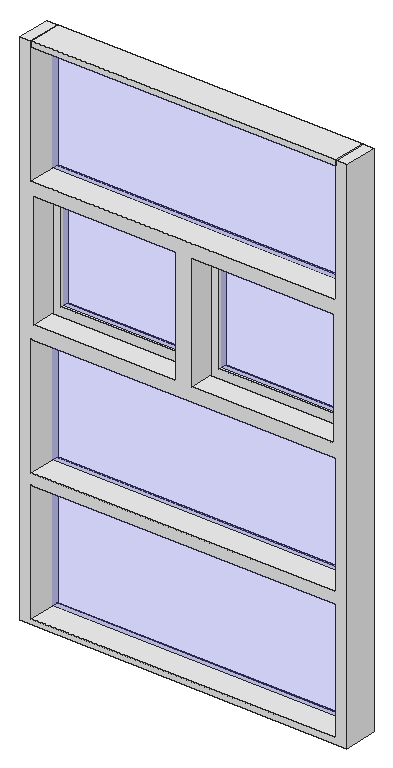
Revit family
Parameters
  창 패널 = ACW1 창 패널
  창 프레임 = ACW1 창 프레임
  Height = 2400 mm
  기본 씰 높이 = 0 mm
  Wall Closure = (empty or 0)
  Width = 1500 mm
  창 두께 = 150 mm
Reference planes
  plane 1: y = 0
  plane 2 "중심(왼쪽/오른쪽)": x = 0
  plane 3 "왼쪽": x = -750
  plane 4 "오른쪽": x = 750
  plane 5 "씰": z = 0
  plane 6 "헤드": z = 2400
  plane 7 "외부": y = 100
  plane 8 "내부": y = -100
  plane 9: z = 1800
  plane 10: z = 1200
  plane 11: z = 600
  plane 12: y = -75
  plane 13: y = 75
  plane 14: y = 66
  plane 15: y = 44
  plane 16: y = 35
  plane 17: x = -700
  plane 18: x = 700
  plane 19: z = 575
  plane 20: z = 625
  plane 21: z = 1175
  plane 22: z = 1225
  plane 23: z = 1775
  plane 24: z = 1825
  plane 25: z = 25
  plane 26: z = 2375
  plane 27: x = -25
  plane 28: x = 25
  plane 29: x = 362.5
  plane 30: x = -362.5
Forms (mm)
  Extrusion 1, solid, material "ACW1 창 프레임" <- "창 프레임"
    sketch origin (-2165.69, 265, 1175) x (0, 1, 0) y (1, 0, 0)
      loop
        line (-190, 2865.69) -> (-340, 2865.69) -> (-340, 1465.69) -> (-190, 1465.69) -> (-190, 2865.69)
    from 0 to -50
  Extrusion 2, solid, material "ACW1 창 프레임" <- "창 프레임"
    sketch origin (-2165.69, 265, 575) x (0, 1, 0) y (1, 0, 0)
      loop
        line (-190, 2865.69) -> (-340, 2865.69) -> (-340, 1465.69) -> (-190, 1465.69) -> (-190, 2865.69)
    from 0 to -50
  Extrusion 3, solid, material "ACW1 창 프레임" <- "창 프레임"
    sketch origin (-2165.69, 265, 1775) x (0, 1, 0) y (1, 0, 0)
      loop
        line (-190, 2865.69) -> (-340, 2865.69) -> (-340, 1465.69) -> (-190, 1465.69) -> (-190, 2865.69)
    from 0 to -50
  Extrusion 4, solid, material "ACW1 창 패널" <- "창 패널"
    sketch origin (0, 0, 0) x (1, 0, 0) y (0, 1, 0)
      loop
        line (-700, 66) -> (-700, 44) -> (700, 44) -> (700, 66) -> (-700, 66)
    from 25 to 575
  Extrusion 5, solid, material "ACW1 창 패널" <- "창 패널"
    sketch origin (0, 0, 575) x (1, 0, 0) y (0, 1, 0)
      loop
        line (-700, 66) -> (-700, 44) -> (700, 44) -> (700, 66) -> (-700, 66)
    from 50 to 600
  Extrusion 6, solid, material "ACW1 창 패널" <- "창 패널"
    sketch origin (0, 0, 3575) x (1, 0, 0) y (0, 1, 0)
      loop
        line (-700, 66) -> (-700, 44) -> (700, 44) -> (700, 66) -> (-700, 66)
    from -1750 to -1200
  Extrusion 7, solid, material "ACW1 창 프레임" <- "창 프레임"
    sketch origin (0, 0, 0) x (1, 0, 0) y (0, 1, 0)
      loop
        line (-750, 75) -> (-750, -75) -> (-700, -75) -> (-700, 75) -> (-750, 75)
      loop
        line (700, 75) -> (700, -75) -> (750, -75) -> (750, 75) -> (700, 75)
    from 0 to 2400
  Extrusion 8, solid, material "ACW1 창 프레임" <- "창 프레임"
    sketch origin (-2165.69, 265, 0) x (0, 1, 0) y (1, 0, 0)
      loop
        line (-190, 2865.69) -> (-340, 2865.69) -> (-340, 1465.69) -> (-190, 1465.69) -> (-190, 2865.69)
    from 0 to -25
  Extrusion 9, solid, material "ACW1 창 프레임" <- "창 프레임"
    sketch origin (-2165.69, 265, 5050) x (0, 1, 0) y (1, 0, 0)
      loop
        line (-190, 2865.69) -> (-340, 2865.69) -> (-340, 1465.69) -> (-190, 1465.69) -> (-190, 2865.69)
    from 2675 to 2650
  Extrusion 10, solid, material "ACW1 창 프레임" <- "창 프레임"
    sketch origin (-2165.69, 265, 1225) x (0, 1, 0) y (1, 0, 0)
      loop
        line (-190, 2140.69) -> (-190, 2190.69) -> (-340, 2190.69) -> (-340, 2140.69) -> (-190, 2140.69)
    from 0 to -550
  Sweep 11, solid, material "ACW1 창 프레임" <- "창 프레임"
    path origin (-700, 75, 0) x (1, 0, 0) y (0, 0, -1)
      loop
        line (675, -1775) -> (675, -1225) -> (0, -1225) -> (0, -1775) -> (675, -1775)
    profile origin (-362.5, 75, 1775) x (0, 0, 1) y (0, 1, 0)
      loop
        line (0, 0) -> (-50, 0) -> (-50, -40) -> (0, -40) -> (0, 0)
  Sweep 12, solid, material "ACW1 창 프레임" <- "창 프레임"
    path origin (-700, 75, 0) x (1, 0, 0) y (0, 0, -1)
      loop
        line (1400, -1775) -> (1400, -1225) -> (725, -1225) -> (725, -1775) -> (1400, -1775)
    profile origin (362.5, 75, 1775) x (0, 0, 1) y (0, 1, 0)
      loop
        line (0, 0) -> (-50, 0) -> (-50, -40) -> (0, -40) -> (0, 0)
  Extrusion 13, solid, material "ACW1 창 패널" <- "창 패널"
    sketch origin (-2165.69, 265, 1225) x (0, 1, 0) y (1, 0, 0)
      loop
        line (-199, 1515.69) -> (-199, 2090.69) -> (-221, 2090.69) -> (-221, 1515.69) -> (-199, 1515.69)
      loop
        line (-199, 2240.69) -> (-199, 2815.69) -> (-221, 2815.69) -> (-221, 2240.69) -> (-199, 2240.69)
    from -50 to -500
  Sweep 14, solid, material "ACW1 창 프레임" <- "창 프레임"
    path origin (-25, 35, 1775) x (-1, 0, 0) y (0, 0, -1)
      loop
        line (-725, 0) -> (-50, 0) -> (-50, 550) -> (-725, 550) -> (-725, 0)
    profile origin (362.5, 35, 1775) x (0, 0, -1) y (0, -1, 0)
      loop
        line (0, 0) -> (10, 0) -> (10, 110) -> (0, 110) -> (0, 0)
  Sweep 15, solid, material "ACW1 창 프레임" <- "창 프레임"
    path origin (-25, 35, 1775) x (-1, 0, 0) y (0, 0, -1)
      loop
        line (0, 0) -> (675, 0) -> (675, 550) -> (0, 550) -> (0, 0)
    profile origin (-362.5, 35, 1775) x (0, 0, -1) y (0, -1, 0)
      loop
        line (0, 0) -> (10, 0) -> (10, 110) -> (0, 110) -> (0, 0)
Cuts and joins
  joined: Extrusion 1, Extrusion 2, Extrusion 3, Extrusion 7, Extrusion 8, Extrusion 10, Sweep 14, Sweep 15
Lines and regions (mm)
  Opening 1
    outline origin (3500, -100, 0) x (1, 0, 0) y (0, 0, 1)
      loop
        line (-2750, 0) -> (-2750, 2400) -> (-4250, 2400) -> (-4250, 0) -> (-2750, 0)
  symbolic lines, style "입면도 스윙"
    curve 1: line (700, 75, 1225) -> (362.5, 75, 1775)
    curve 2: line (362.5, 75, 1775) -> (25, 75, 1225)
    curve 3: line (-25, 75, 1225) -> (-362.5, 75, 1775)
    curve 4: line (-362.5, 75, 1775) -> (-700, 75, 1225)
Text (mm)
  text "외부" at (-1963.203, 1332.353, 0), in view "참조 레벨"
  text "내부" at (-1981.466, -818.386, 0), in view "참조 레벨"
  text "외부" at (0, 923.751, 2943.296), in view "오른쪽"
  text "외부" at (0, 1040.484, 2685.409), in view "왼쪽"
Dimensions and locks
  equal spacing: plane 3 "왼쪽", plane 2 "중심(왼쪽/오른쪽)", plane 4 "오른쪽"
  "Width": plane 3 "왼쪽" to plane 4 "오른쪽"
  "Height": plane 5 "씰" to plane 6 "헤드"
  "기본 씰 높이": plane 5 "씰" to level
  locked: plane 7 "외부" to host wall at 0
  locked: plane 8 "내부" to host wall
  "창 두께": plane 13 to plane 12
  equal spacing: plane 13, plane 1, plane 12
  plane 13 to plane 14 to plane 15 to plane 16 = 9 mm locked, 22 mm locked, 9 mm locked
  locked: plane 3 "왼쪽" to plane 17 at 50
  locked: plane 18 to plane 4 "오른쪽" at 50
  locked: plane 26 to plane 6 "헤드" at 25
  plane 27 to plane 2 "중심(왼쪽/오른쪽)" to plane 28 = 25 mm locked, 25 mm locked
  locked: cut or joined group of Extrusion 1, Extrusion 2, Extrusion 3, Extrusion 7, Extrusion 8, Extrusion 10, Sweep 14, Sweep 15 to Sweep 11 sketch curve at 50
  locked: plane 5 "씰" to plane 25 at 25
  equal spacing: plane 5 "씰", plane 11, plane 10, plane 9, plane 6 "헤드"
  plane 23 to plane 9 to plane 24 = 25 mm locked, 25 mm locked
  plane 21 to plane 10 to plane 22 = 25 mm locked, 25 mm locked
  plane 19 to plane 11 to plane 20 = 25 mm locked, 25 mm locked
  equal spacing: plane 27, plane 30, plane 17
  equal spacing: plane 18, plane 29, plane 28
  aligned and locked: Extrusion 4 to plane 19
  aligned and locked: Extrusion 5 to plane 21
  aligned and locked: plane 3 "왼쪽" to Extrusion 7 sketch curve
  aligned and locked: Extrusion 7 sketch curve to plane 13
  aligned and locked: plane 12 to Extrusion 7 sketch curve
  aligned and locked: plane 4 "오른쪽" to Extrusion 7 sketch curve
  aligned and locked: Extrusion 7 to host wall
  aligned and locked: Extrusion 9 to host wall
  aligned and locked: plane 26 to Extrusion 9
  aligned and locked: plane 27 to Extrusion 10 sketch curve
  aligned and locked: plane 13 to Extrusion 10 sketch curve
  aligned and locked: plane 12 to Extrusion 10 sketch curve
  aligned and locked: plane 28 to Extrusion 10 sketch curve
  aligned and locked: Extrusion 10 to plane 23
  aligned and locked: Sweep 11 sketch curve to Extrusion 10
  aligned and locked: Extrusion 10 to Sweep 11 sketch curve
  aligned and locked: cut or joined group of Extrusion 1, Extrusion 2, Extrusion 3, Extrusion 7, Extrusion 8, Extrusion 10, Sweep 14, Sweep 15 to Sweep 11 sketch curve  (x2)
  aligned and locked: Sweep 11 sketch curve to cut or joined group of Extrusion 1, Extrusion 2, Extrusion 3, Extrusion 7, Extrusion 8, Extrusion 10, Sweep 14, Sweep 15
  aligned and locked: Sweep 12 sketch curve to cut or joined group of Extrusion 1, Extrusion 2, Extrusion 3, Extrusion 7, Extrusion 8, Extrusion 10, Sweep 14, Sweep 15  (x2)
  aligned and locked: Sweep 12 sketch curve to Sweep 11  (x2)
  aligned and locked: Extrusion 13 sketch curve to Sweep 11  (x2)
  aligned and locked: plane 14 to Extrusion 13 sketch curve  (x2)
  aligned and locked: plane 15 to Extrusion 13 sketch curve  (x2)
  aligned and locked: Extrusion 13 sketch curve to Sweep 12  (x2)
  aligned and locked: Extrusion 6 to plane 26
  aligned and locked: Extrusion 9 to plane 6 "헤드"
  aligned and locked: plane 25 to cut or joined group of Extrusion 1, Extrusion 2, Extrusion 3, Extrusion 7, Extrusion 8, Extrusion 10, Sweep 14, Sweep 15
  aligned and locked: Extrusion 4 to plane 25
  aligned and locked: plane 5 "씰" to cut or joined group of Extrusion 1, Extrusion 2, Extrusion 3, Extrusion 7, Extrusion 8, Extrusion 10, Sweep 14, Sweep 15  (x2)
  aligned and locked: cut or joined group of Extrusion 1, Extrusion 2, Extrusion 3, Extrusion 7, Extrusion 8, Extrusion 10, Sweep 14, Sweep 15 to plane 24
  aligned and locked: plane 24 to Extrusion 6
  aligned and locked: plane 23 to cut or joined group of Extrusion 1, Extrusion 2, Extrusion 3, Extrusion 7, Extrusion 8, Extrusion 10, Sweep 14, Sweep 15  (x6)
  aligned and locked: Sweep 11 to plane 23  (x3)
  aligned and locked: cut or joined group of Extrusion 1, Extrusion 2, Extrusion 3, Extrusion 7, Extrusion 8, Extrusion 10, Sweep 14, Sweep 15 to plane 22  (x2)
  aligned and locked: plane 22 to Sweep 11
  aligned and locked: plane 21 to cut or joined group of Extrusion 1, Extrusion 2, Extrusion 3, Extrusion 7, Extrusion 8, Extrusion 10, Sweep 14, Sweep 15
  aligned and locked: plane 21 to Extrusion 5  (x2)
  aligned and locked: cut or joined group of Extrusion 1, Extrusion 2, Extrusion 3, Extrusion 7, Extrusion 8, Extrusion 10, Sweep 14, Sweep 15 to plane 20
  aligned and locked: plane 20 to Extrusion 5
  aligned and locked: plane 19 to cut or joined group of Extrusion 1, Extrusion 2, Extrusion 3, Extrusion 7, Extrusion 8, Extrusion 10, Sweep 14, Sweep 15
  aligned and locked: plane 19 to Extrusion 4  (x5)
  aligned and locked: plane 25 to Extrusion 4  (x3)
  aligned and locked: cut or joined group of Extrusion 1, Extrusion 2, Extrusion 3, Extrusion 7, Extrusion 8, Extrusion 10, Sweep 14, Sweep 15 to plane 5 "씰"  (x2)
  aligned and locked: plane 5 "씰" to Opening 1 sketch curve
  aligned and locked: curve 1 to Sweep 12
  aligned and locked: Sweep 12 to curve 1  (x2)
  aligned and locked: curve 2 to Sweep 12
  aligned and locked: Sweep 12 to curve 2
  aligned and locked: curve 3 to Sweep 11
  aligned and locked: Sweep 11 to curve 3
  aligned and locked: curve 4 to Sweep 11
  aligned and locked: Sweep 11 to curve 4  (x2)
  aligned and locked: plane 23 to Sweep 14 sketch curve
  aligned and locked: Sweep 14 sketch curve to plane 22
  aligned and locked: plane 18 to Sweep 14 sketch curve
  aligned and locked: plane 28 to Sweep 14 sketch curve
  aligned and locked: Sweep 15 sketch curve to plane 27
  aligned and locked: cut or joined group of Extrusion 1, Extrusion 2, Extrusion 3, Extrusion 7, Extrusion 8, Extrusion 10, Sweep 14, Sweep 15 to Sweep 15 sketch curve
  aligned and locked: plane 23 to Sweep 15 sketch curve
  aligned and locked: Sweep 15 sketch curve to plane 22
  aligned and locked: Extrusion 13 to Sweep 12  (x2)
  aligned and locked: plane 23 to Sweep 12 sketch curve
  aligned and locked: Sweep 12 sketch curve to plane 22
  aligned and locked: plane 28 to Sweep 12 sketch curve
  aligned and locked: cut or joined group of Extrusion 1, Extrusion 2, Extrusion 3, Extrusion 7, Extrusion 8, Extrusion 10, Sweep 14, Sweep 15 to Sweep 12 sketch curve
  aligned and locked: Sweep 11 sketch curve to plane 27
  aligned and locked: plane 29 to curve 2
  aligned and locked: plane 30 to curve 4
Automatic sketch dimensions
  Opening 1 sketch curve to plane 3 "왼쪽" = 0 mm
  Opening 1 sketch curve to plane 4 "오른쪽" = 0 mm
  plane 6 "헤드" to Opening 1 sketch curve = 0 mm
  Extrusion 1 sketch curve to plane 12 = 0 mm
  Extrusion 1 sketch curve to plane 13 = 0 mm
  Extrusion 1 sketch curve to plane 18 = 0 mm
  Extrusion 1 sketch curve to plane 17 = 0 mm
  Extrusion 2 sketch curve to plane 12 = 0 mm
  Extrusion 2 sketch curve to plane 13 = 0 mm
  Extrusion 2 sketch curve to plane 18 = 0 mm
  Extrusion 2 sketch curve to plane 17 = 0 mm
  Extrusion 3 sketch curve to plane 12 = 0 mm
  Extrusion 3 sketch curve to plane 13 = 0 mm
  Extrusion 3 sketch curve to plane 18 = 0 mm
  Extrusion 3 sketch curve to plane 17 = 0 mm
  Extrusion 4 sketch curve to plane 15 = 0 mm
  Extrusion 4 sketch curve to plane 17 = 0 mm
  Extrusion 4 sketch curve to plane 18 = 0 mm
  Extrusion 4 sketch curve to plane 14 = 0 mm
  Extrusion 5 sketch curve to plane 15 = 0 mm
  Extrusion 5 sketch curve to plane 17 = 0 mm
  Extrusion 5 sketch curve to plane 18 = 0 mm
  Extrusion 5 sketch curve to plane 14 = 0 mm
  Extrusion 6 sketch curve to plane 15 = 0 mm
  Extrusion 6 sketch curve to plane 17 = 0 mm
  Extrusion 6 sketch curve to plane 18 = 0 mm
  Extrusion 6 sketch curve to plane 14 = 0 mm
  Extrusion 8 sketch curve to plane 12 = 0 mm
  Extrusion 8 sketch curve to plane 13 = 0 mm
  Extrusion 8 sketch curve to plane 18 = 0 mm
  Extrusion 8 sketch curve to plane 17 = 0 mm
  Extrusion 9 sketch curve to plane 12 = 0 mm
  Extrusion 9 sketch curve to plane 13 = 0 mm
  Extrusion 9 sketch curve to plane 18 = 0 mm
  Extrusion 9 sketch curve to plane 17 = 0 mm
  Extrusion 7 sketch curve to plane 12 = 0 mm
  Extrusion 7 sketch curve to plane 17 = 0 mm
  Extrusion 7 sketch curve to plane 13 = 0 mm
  Extrusion 7 sketch curve to plane 18 = 0 mm
  Sweep 11 sketch curve to profile plane = 0 mm
  Sweep 11 sketch curve to profile plane = 40 mm
  Sweep 14 sketch curve to profile plane = 0 mm  (x2)
  Sweep 14 sketch curve to profile plane = 10 mm
  profile plane to Sweep 14 sketch curve = 110 mm
  Sweep 15 sketch curve to profile plane = 0 mm  (x2)
  Sweep 15 sketch curve to profile plane = 10 mm
  profile plane to Sweep 15 sketch curve = 110 mm
